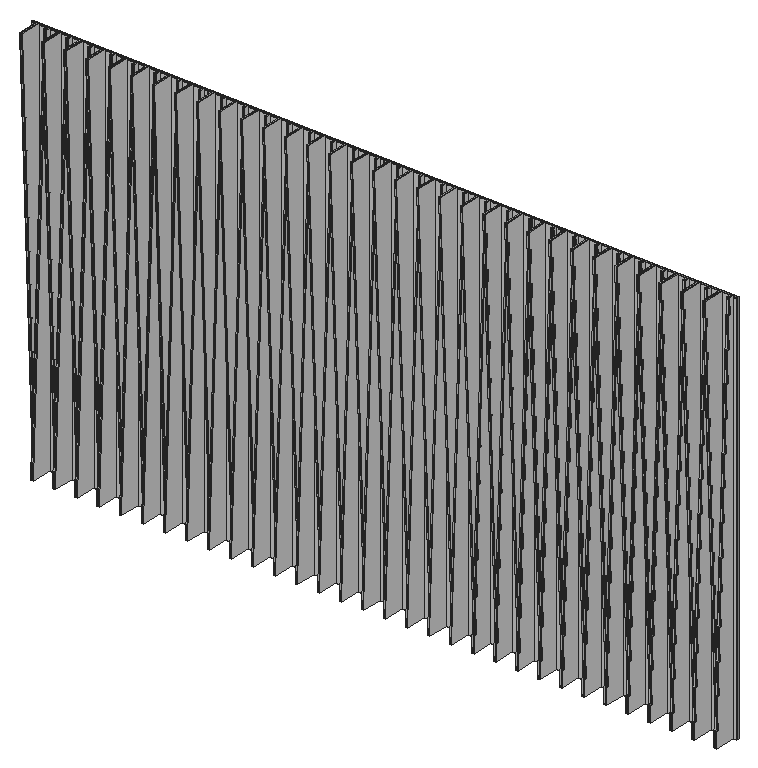
Revit family "SUR-PLG-003_RFA", category Modelos genéricos, Revit 2022 (continued)
Forms (in)
  Extrusion 256, solid, not visible
    sketch origin (44.99973, 0, 0) x (0, 1, 0) y (0, 0, 1)
      loop
        line (0, 108) -> (-1, 108) -> (-5.40945, 0) -> (0, 0) -> (0, 108)
    from 1.14605 to 1.26416
  Extrusion 257, solid, not visible
    sketch origin (45.11784, 0, 0) x (0, 1, 0) y (0, 0, 1)
      loop
        line (0, 108) -> (-1, 108) -> (-5.40945, 0) -> (0, 0) -> (0, 108)
    from 1.14605 to 1.61849
  Extrusion 258, solid, not visible
    sketch origin (45.59028, 0, 0) x (0, 1, 0) y (0, 0, 1)
      loop
        line (0, 108) -> (-1, 108) -> (-5.40945, 0) -> (0, 0) -> (0, 108)
    from 1.14605 to 1.26416
  Extrusion 259, solid, not visible
    sketch origin (48, 0, 0) x (1, 0, 0) y (0, 1, 0)
      loop
        line (0, 0.11811) -> (0, 0) -> (48, 0) -> (48, 0.11811) -> (0, 0.11811)
    from 0 to 108
  Extrusion 260, solid, not visible
    sketch origin (48, 0, 0) x (1, 0, 0) y (0, 1, 0)
      loop
        line (0, 0.59055) -> (0, 0.11811) -> (48, 0.11811) -> (48, 0.59055) -> (0, 0.59055)
    from 0 to 108
  Extrusion 261, solid, not visible
    sketch origin (47.99973, 0, 0) x (0, 1, 0) y (0, 0, 1)
      loop
        line (0, 108) -> (-5.40945, 108) -> (-1, 0) -> (0, 0) -> (0, 108)
    from 1.14605 to 1.26416
  Extrusion 262, solid, not visible
    sketch origin (48.11784, 0, 0) x (0, 1, 0) y (0, 0, 1)
      loop
        line (0, 108) -> (-5.40945, 108) -> (-1, 0) -> (0, 0) -> (0, 108)
    from 1.14605 to 1.61849
  Extrusion 263, solid, not visible
    sketch origin (48.59028, 0, 0) x (0, 1, 0) y (0, 0, 1)
      loop
        line (0, 108) -> (-5.40945, 108) -> (-1, 0) -> (0, 0) -> (0, 108)
    from 1.14605 to 1.26416
  Extrusion 264, solid, not visible
    sketch origin (50.99969, 0, 0) x (0, 1, 0) y (0, 0, 1)
      loop
        line (0, 108) -> (-1, 108) -> (-5.40945, 0) -> (0, 0) -> (0, 108)
    from 1.14605 to 1.26416
  Extrusion 265, solid, not visible
    sketch origin (51.1178, 0, 0) x (0, 1, 0) y (0, 0, 1)
      loop
        line (0, 108) -> (-1, 108) -> (-5.40945, 0) -> (0, 0) -> (0, 108)
    from 1.14605 to 1.61849
  Extrusion 266, solid, not visible
    sketch origin (51.59024, 0, 0) x (0, 1, 0) y (0, 0, 1)
      loop
        line (0, 108) -> (-1, 108) -> (-5.40945, 0) -> (0, 0) -> (0, 108)
    from 1.14605 to 1.26416
  Extrusion 267, solid, not visible
    sketch origin (53.99969, 0, 0) x (0, 1, 0) y (0, 0, 1)
      loop
        line (0, 108) -> (-5.40945, 108) -> (-1, 0) -> (0, 0) -> (0, 108)
    from 1.14605 to 1.26416
  Extrusion 268, solid, not visible
    sketch origin (54.1178, 0, 0) x (0, 1, 0) y (0, 0, 1)
      loop
        line (0, 108) -> (-5.40945, 108) -> (-1, 0) -> (0, 0) -> (0, 108)
    from 1.14605 to 1.61849
  Extrusion 269, solid, not visible
    sketch origin (54.59024, 0, 0) x (0, 1, 0) y (0, 0, 1)
      loop
        line (0, 108) -> (-5.40945, 108) -> (-1, 0) -> (0, 0) -> (0, 108)
    from 1.14605 to 1.26416
  Extrusion 270, solid, not visible
    sketch origin (56.99966, 0, 0) x (0, 1, 0) y (0, 0, 1)
      loop
        line (0, 108) -> (-1, 108) -> (-5.40945, 0) -> (0, 0) -> (0, 108)
    from 1.14605 to 1.26416
  Extrusion 271, solid, not visible
    sketch origin (57.11777, 0, 0) x (0, 1, 0) y (0, 0, 1)
      loop
        line (0, 108) -> (-1, 108) -> (-5.40945, 0) -> (0, 0) -> (0, 108)
    from 1.14605 to 1.61849
  Extrusion 272, solid, not visible
    sketch origin (57.59021, 0, 0) x (0, 1, 0) y (0, 0, 1)
      loop
        line (0, 108) -> (-1, 108) -> (-5.40945, 0) -> (0, 0) -> (0, 108)
    from 1.14605 to 1.26416
  Extrusion 273, solid, not visible
    sketch origin (59.99993, 0, 0) x (0, 1, 0) y (0, 0, 1)
      loop
        line (0, 108) -> (-5.40945, 108) -> (-1, 0) -> (0, 0) -> (0, 108)
    from 1.14605 to 1.26416
  Extrusion 274, solid, not visible
    sketch origin (60.11804, 0, 0) x (0, 1, 0) y (0, 0, 1)
      loop
        line (0, 108) -> (-5.40945, 108) -> (-1, 0) -> (0, 0) -> (0, 108)
    from 1.14605 to 1.61849
  Extrusion 275, solid, not visible
    sketch origin (60.59048, 0, 0) x (0, 1, 0) y (0, 0, 1)
      loop
        line (0, 108) -> (-5.40945, 108) -> (-1, 0) -> (0, 0) -> (0, 108)
    from 1.14605 to 1.26416
  Extrusion 276, solid, not visible
    sketch origin (62.9999, 0, 0) x (0, 1, 0) y (0, 0, 1)
      loop
        line (0, 108) -> (-1, 108) -> (-5.40945, 0) -> (0, 0) -> (0, 108)
    from 1.14605 to 1.26416
  Extrusion 277, solid, not visible
    sketch origin (63.11801, 0, 0) x (0, 1, 0) y (0, 0, 1)
      loop
        line (0, 108) -> (-1, 108) -> (-5.40945, 0) -> (0, 0) -> (0, 108)
    from 1.14605 to 1.61849
  Extrusion 278, solid, not visible
    sketch origin (63.59045, 0, 0) x (0, 1, 0) y (0, 0, 1)
      loop
        line (0, 108) -> (-1, 108) -> (-5.40945, 0) -> (0, 0) -> (0, 108)
    from 1.14605 to 1.26416
  Extrusion 279, solid, not visible
    sketch origin (65.9999, 0, 0) x (0, 1, 0) y (0, 0, 1)
      loop
        line (0, 108) -> (-5.40945, 108) -> (-1, 0) -> (0, 0) -> (0, 108)
    from 1.14605 to 1.26416
  Extrusion 280, solid, not visible
    sketch origin (66.11801, 0, 0) x (0, 1, 0) y (0, 0, 1)
      loop
        line (0, 108) -> (-5.40945, 108) -> (-1, 0) -> (0, 0) -> (0, 108)
    from 1.14605 to 1.61849
  Extrusion 281, solid, not visible
    sketch origin (66.59045, 0, 0) x (0, 1, 0) y (0, 0, 1)
      loop
        line (0, 108) -> (-5.40945, 108) -> (-1, 0) -> (0, 0) -> (0, 108)
    from 1.14605 to 1.26416
  Extrusion 282, solid, not visible
    sketch origin (68.99987, 0, 0) x (0, 1, 0) y (0, 0, 1)
      loop
        line (0, 108) -> (-1, 108) -> (-5.40945, 0) -> (0, 0) -> (0, 108)
    from 1.14605 to 1.26416
  Extrusion 283, solid, not visible
    sketch origin (69.11798, 0, 0) x (0, 1, 0) y (0, 0, 1)
      loop
        line (0, 108) -> (-1, 108) -> (-5.40945, 0) -> (0, 0) -> (0, 108)
    from 1.14605 to 1.61849
  Extrusion 284, solid, not visible
    sketch origin (69.59042, 0, 0) x (0, 1, 0) y (0, 0, 1)
      loop
        line (0, 108) -> (-1, 108) -> (-5.40945, 0) -> (0, 0) -> (0, 108)
    from 1.14605 to 1.26416
  Extrusion 285, solid, not visible
    sketch origin (71.99987, 0, 0) x (0, 1, 0) y (0, 0, 1)
      loop
        line (0, 108) -> (-5.40945, 108) -> (-1, 0) -> (0, 0) -> (0, 108)
    from 1.14605 to 1.26416
  Extrusion 286, solid, not visible
    sketch origin (72.11798, 0, 0) x (0, 1, 0) y (0, 0, 1)
      loop
        line (0, 108) -> (-5.40945, 108) -> (-1, 0) -> (0, 0) -> (0, 108)
    from 1.14605 to 1.61849
  Extrusion 287, solid, not visible
    sketch origin (72.59042, 0, 0) x (0, 1, 0) y (0, 0, 1)
      loop
        line (0, 108) -> (-5.40945, 108) -> (-1, 0) -> (0, 0) -> (0, 108)
    from 1.14605 to 1.26416
  Extrusion 288, solid, not visible
    sketch origin (74.99983, 0, 0) x (0, 1, 0) y (0, 0, 1)
      loop
        line (0, 108) -> (-1, 108) -> (-5.40945, 0) -> (0, 0) -> (0, 108)
    from 1.14605 to 1.26416
  Extrusion 289, solid, not visible
    sketch origin (75.11794, 0, 0) x (0, 1, 0) y (0, 0, 1)
      loop
        line (0, 108) -> (-1, 108) -> (-5.40945, 0) -> (0, 0) -> (0, 108)
    from 1.14605 to 1.61849
  Extrusion 290, solid, not visible
    sketch origin (75.59039, 0, 0) x (0, 1, 0) y (0, 0, 1)
      loop
        line (0, 108) -> (-1, 108) -> (-5.40945, 0) -> (0, 0) -> (0, 108)
    from 1.14605 to 1.26416
  Extrusion 291, solid, not visible
    sketch origin (77.99983, 0, 0) x (0, 1, 0) y (0, 0, 1)
      loop
        line (0, 108) -> (-5.40945, 108) -> (-1, 0) -> (0, 0) -> (0, 108)
    from 1.14605 to 1.26416
  Extrusion 292, solid, not visible
    sketch origin (78.11794, 0, 0) x (0, 1, 0) y (0, 0, 1)
      loop
        line (0, 108) -> (-5.40945, 108) -> (-1, 0) -> (0, 0) -> (0, 108)
    from 1.14605 to 1.61849
  Extrusion 293, solid, not visible
    sketch origin (78.59038, 0, 0) x (0, 1, 0) y (0, 0, 1)
      loop
        line (0, 108) -> (-5.40945, 108) -> (-1, 0) -> (0, 0) -> (0, 108)
    from 1.14605 to 1.26416
  Extrusion 294, solid, not visible
    sketch origin (80.9998, 0, 0) x (0, 1, 0) y (0, 0, 1)
      loop
        line (0, 108) -> (-1, 108) -> (-5.40945, 0) -> (0, 0) -> (0, 108)
    from 1.14605 to 1.26416
  Extrusion 295, solid, not visible
    sketch origin (81.11791, 0, 0) x (0, 1, 0) y (0, 0, 1)
      loop
        line (0, 108) -> (-1, 108) -> (-5.40945, 0) -> (0, 0) -> (0, 108)
    from 1.14605 to 1.61849
  Extrusion 296, solid, not visible
    sketch origin (81.59035, 0, 0) x (0, 1, 0) y (0, 0, 1)
      loop
        line (0, 108) -> (-1, 108) -> (-5.40945, 0) -> (0, 0) -> (0, 108)
    from 1.14605 to 1.26416
  Extrusion 297, solid, not visible
    sketch origin (83.9998, 0, 0) x (0, 1, 0) y (0, 0, 1)
      loop
        line (0, 108) -> (-5.40945, 108) -> (-1, 0) -> (0, 0) -> (0, 108)
    from 1.14605 to 1.26416
  Extrusion 298, solid, not visible
    sketch origin (84.11791, 0, 0) x (0, 1, 0) y (0, 0, 1)
      loop
        line (0, 108) -> (-5.40945, 108) -> (-1, 0) -> (0, 0) -> (0, 108)
    from 1.14605 to 1.61849
  Extrusion 299, solid, not visible
    sketch origin (84.59035, 0, 0) x (0, 1, 0) y (0, 0, 1)
      loop
        line (0, 108) -> (-5.40945, 108) -> (-1, 0) -> (0, 0) -> (0, 108)
    from 1.14605 to 1.26416
  Extrusion 300, solid, not visible
    sketch origin (86.99976, 0, 0) x (0, 1, 0) y (0, 0, 1)
      loop
        line (0, 108) -> (-1, 108) -> (-5.40945, 0) -> (0, 0) -> (0, 108)
    from 1.14605 to 1.26416
  Extrusion 301, solid, not visible
    sketch origin (87.11787, 0, 0) x (0, 1, 0) y (0, 0, 1)
      loop
        line (0, 108) -> (-1, 108) -> (-5.40945, 0) -> (0, 0) -> (0, 108)
    from 1.14605 to 1.61849
  Extrusion 302, solid, not visible
    sketch origin (87.59031, 0, 0) x (0, 1, 0) y (0, 0, 1)
      loop
        line (0, 108) -> (-1, 108) -> (-5.40945, 0) -> (0, 0) -> (0, 108)
    from 1.14605 to 1.26416
  Extrusion 303, solid, not visible
    sketch origin (89.99976, 0, 0) x (0, 1, 0) y (0, 0, 1)
      loop
        line (0, 108) -> (-5.40945, 108) -> (-1, 0) -> (0, 0) -> (0, 108)
    from 1.14605 to 1.26416
  Extrusion 304, solid, not visible
    sketch origin (90.11787, 0, 0) x (0, 1, 0) y (0, 0, 1)
      loop
        line (0, 108) -> (-5.40945, 108) -> (-1, 0) -> (0, 0) -> (0, 108)
    from 1.14605 to 1.61849
  Extrusion 305, solid, not visible
    sketch origin (90.59031, 0, 0) x (0, 1, 0) y (0, 0, 1)
      loop
        line (0, 108) -> (-5.40945, 108) -> (-1, 0) -> (0, 0) -> (0, 108)
    from 1.14605 to 1.26416
  Extrusion 306, solid, not visible
    sketch origin (92.99973, 0, 0) x (0, 1, 0) y (0, 0, 1)
      loop
        line (0, 108) -> (-1, 108) -> (-5.40945, 0) -> (0, 0) -> (0, 108)
    from 1.14605 to 1.26416
  Extrusion 307, solid, not visible
    sketch origin (93.11784, 0, 0) x (0, 1, 0) y (0, 0, 1)
      loop
        line (0, 108) -> (-1, 108) -> (-5.40945, 0) -> (0, 0) -> (0, 108)
    from 1.14605 to 1.61849
  Extrusion 308, solid, not visible
    sketch origin (93.59028, 0, 0) x (0, 1, 0) y (0, 0, 1)
      loop
        line (0, 108) -> (-1, 108) -> (-5.40945, 0) -> (0, 0) -> (0, 108)
    from 1.14605 to 1.26416
  Extrusion 309, solid, not visible
    sketch origin (96, 0, 0) x (1, 0, 0) y (0, 1, 0)
      loop
        line (0, 0.11811) -> (0, 0) -> (48, 0) -> (48, 0.11811) -> (0, 0.11811)
    from 0 to 108
  Extrusion 310, solid, not visible
    sketch origin (96, 0, 0) x (1, 0, 0) y (0, 1, 0)
      loop
        line (0, 0.59055) -> (0, 0.11811) -> (48, 0.11811) -> (48, 0.59055) -> (0, 0.59055)
    from 0 to 108
  Extrusion 311, solid, not visible
    sketch origin (95.99973, 0, 0) x (0, 1, 0) y (0, 0, 1)
      loop
        line (0, 108) -> (-5.40945, 108) -> (-1, 0) -> (0, 0) -> (0, 108)
    from 1.14605 to 1.26416
  Extrusion 312, solid, not visible
    sketch origin (96.11784, 0, 0) x (0, 1, 0) y (0, 0, 1)
      loop
        line (0, 108) -> (-5.40945, 108) -> (-1, 0) -> (0, 0) -> (0, 108)
    from 1.14605 to 1.61849
  Extrusion 313, solid, not visible
    sketch origin (96.59028, 0, 0) x (0, 1, 0) y (0, 0, 1)
      loop
        line (0, 108) -> (-5.40945, 108) -> (-1, 0) -> (0, 0) -> (0, 108)
    from 1.14605 to 1.26416
  Extrusion 314, solid, not visible
    sketch origin (98.9997, 0, 0) x (0, 1, 0) y (0, 0, 1)
      loop
        line (0, 108) -> (-1, 108) -> (-5.40945, 0) -> (0, 0) -> (0, 108)
    from 1.14605 to 1.26416
  Extrusion 315, solid, not visible
    sketch origin (99.11781, 0, 0) x (0, 1, 0) y (0, 0, 1)
      loop
        line (0, 108) -> (-1, 108) -> (-5.40945, 0) -> (0, 0) -> (0, 108)
    from 1.14605 to 1.61849
  Extrusion 316, solid, not visible
    sketch origin (99.59025, 0, 0) x (0, 1, 0) y (0, 0, 1)
      loop
        line (0, 108) -> (-1, 108) -> (-5.40945, 0) -> (0, 0) -> (0, 108)
    from 1.14605 to 1.26416
  Extrusion 317, solid, not visible
    sketch origin (101.9997, 0, 0) x (0, 1, 0) y (0, 0, 1)
      loop
        line (0, 108) -> (-5.40945, 108) -> (-1, 0) -> (0, 0) -> (0, 108)
    from 1.14605 to 1.26416
  Extrusion 318, solid, not visible
    sketch origin (102.11781, 0, 0) x (0, 1, 0) y (0, 0, 1)
      loop
        line (0, 108) -> (-5.40945, 108) -> (-1, 0) -> (0, 0) -> (0, 108)
    from 1.14605 to 1.61849
  Extrusion 319, solid, not visible
    sketch origin (102.59025, 0, 0) x (0, 1, 0) y (0, 0, 1)
      loop
        line (0, 108) -> (-5.40945, 108) -> (-1, 0) -> (0, 0) -> (0, 108)
    from 1.14605 to 1.26416
  Extrusion 320, solid, not visible
    sketch origin (104.99966, 0, 0) x (0, 1, 0) y (0, 0, 1)
      loop
        line (0, 108) -> (-1, 108) -> (-5.40945, 0) -> (0, 0) -> (0, 108)
    from 1.14605 to 1.26416
  Extrusion 321, solid, not visible
    sketch origin (105.11777, 0, 0) x (0, 1, 0) y (0, 0, 1)
      loop
        line (0, 108) -> (-1, 108) -> (-5.40945, 0) -> (0, 0) -> (0, 108)
    from 1.14605 to 1.61849
  Extrusion 322, solid, not visible
    sketch origin (105.59021, 0, 0) x (0, 1, 0) y (0, 0, 1)
      loop
        line (0, 108) -> (-1, 108) -> (-5.40945, 0) -> (0, 0) -> (0, 108)
    from 1.14605 to 1.26416
  Extrusion 323, solid, not visible
    sketch origin (107.99966, 0, 0) x (0, 1, 0) y (0, 0, 1)
      loop
        line (0, 108) -> (-5.40945, 108) -> (-1, 0) -> (0, 0) -> (0, 108)
    from 1.14605 to 1.26416
  Extrusion 324, solid, not visible
    sketch origin (108.11777, 0, 0) x (0, 1, 0) y (0, 0, 1)
      loop
        line (0, 108) -> (-5.40945, 108) -> (-1, 0) -> (0, 0) -> (0, 108)
    from 1.14605 to 1.61849
  Extrusion 325, solid, not visible
    sketch origin (108.59021, 0, 0) x (0, 1, 0) y (0, 0, 1)
      loop
        line (0, 108) -> (-5.40945, 108) -> (-1, 0) -> (0, 0) -> (0, 108)
    from 1.14605 to 1.26416
  Extrusion 326, solid, not visible
    sketch origin (110.99963, 0, 0) x (0, 1, 0) y (0, 0, 1)
      loop
        line (0, 108) -> (-1, 108) -> (-5.40945, 0) -> (0, 0) -> (0, 108)
    from 1.14605 to 1.26416
  Extrusion 327, solid, not visible
    sketch origin (111.11774, 0, 0) x (0, 1, 0) y (0, 0, 1)
      loop
        line (0, 108) -> (-1, 108) -> (-5.40945, 0) -> (0, 0) -> (0, 108)
    from 1.14605 to 1.61849
  Extrusion 328, solid, not visible
    sketch origin (111.59018, 0, 0) x (0, 1, 0) y (0, 0, 1)
      loop
        line (0, 108) -> (-1, 108) -> (-5.40945, 0) -> (0, 0) -> (0, 108)
    from 1.14605 to 1.26416
  Extrusion 329, solid, not visible
    sketch origin (113.99962, 0, 0) x (0, 1, 0) y (0, 0, 1)
      loop
        line (0, 108) -> (-5.40945, 108) -> (-1, 0) -> (0, 0) -> (0, 108)
    from 1.14605 to 1.26416
  Extrusion 330, solid, not visible
    sketch origin (114.11773, 0, 0) x (0, 1, 0) y (0, 0, 1)
      loop
        line (0, 108) -> (-5.40945, 108) -> (-1, 0) -> (0, 0) -> (0, 108)
    from 1.14605 to 1.61849
  Extrusion 331, solid, not visible
    sketch origin (114.59018, 0, 0) x (0, 1, 0) y (0, 0, 1)
      loop
        line (0, 108) -> (-5.40945, 108) -> (-1, 0) -> (0, 0) -> (0, 108)
    from 1.14605 to 1.26416
  Extrusion 332, solid, not visible
    sketch origin (116.99959, 0, 0) x (0, 1, 0) y (0, 0, 1)
      loop
        line (0, 108) -> (-1, 108) -> (-5.40945, 0) -> (0, 0) -> (0, 108)
    from 1.14605 to 1.26416
  Extrusion 333, solid, not visible
    sketch origin (117.1177, 0, 0) x (0, 1, 0) y (0, 0, 1)
      loop
        line (0, 108) -> (-1, 108) -> (-5.40945, 0) -> (0, 0) -> (0, 108)
    from 1.14605 to 1.61849
  Extrusion 334, solid, not visible
    sketch origin (117.59014, 0, 0) x (0, 1, 0) y (0, 0, 1)
      loop
        line (0, 108) -> (-1, 108) -> (-5.40945, 0) -> (0, 0) -> (0, 108)
    from 1.14605 to 1.26416
  Extrusion 335, solid, not visible
    sketch origin (119.99986, 0, 0) x (0, 1, 0) y (0, 0, 1)
      loop
        line (0, 108) -> (-5.40945, 108) -> (-1, 0) -> (0, 0) -> (0, 108)
    from 1.14605 to 1.26416
  Extrusion 336, solid, not visible
    sketch origin (120.11797, 0, 0) x (0, 1, 0) y (0, 0, 1)
      loop
        line (0, 108) -> (-5.40945, 108) -> (-1, 0) -> (0, 0) -> (0, 108)
    from 1.14605 to 1.61849
  Extrusion 337, solid, not visible
    sketch origin (120.59041, 0, 0) x (0, 1, 0) y (0, 0, 1)
      loop
        line (0, 108) -> (-5.40945, 108) -> (-1, 0) -> (0, 0) -> (0, 108)
    from 1.14605 to 1.26416
  Extrusion 338, solid, not visible
    sketch origin (122.99983, 0, 0) x (0, 1, 0) y (0, 0, 1)
      loop
        line (0, 108) -> (-1, 108) -> (-5.40945, 0) -> (0, 0) -> (0, 108)
    from 1.14605 to 1.26416
  Extrusion 339, solid, not visible
    sketch origin (123.11794, 0, 0) x (0, 1, 0) y (0, 0, 1)
      loop
        line (0, 108) -> (-1, 108) -> (-5.40945, 0) -> (0, 0) -> (0, 108)
    from 1.14605 to 1.61849
  Extrusion 340, solid, not visible
    sketch origin (123.59038, 0, 0) x (0, 1, 0) y (0, 0, 1)
      loop
        line (0, 108) -> (-1, 108) -> (-5.40945, 0) -> (0, 0) -> (0, 108)
    from 1.14605 to 1.26416
  Extrusion 341, solid, not visible
    sketch origin (125.99983, 0, 0) x (0, 1, 0) y (0, 0, 1)
      loop
        line (0, 108) -> (-5.40945, 108) -> (-1, 0) -> (0, 0) -> (0, 108)
    from 1.14605 to 1.26416
  Extrusion 342, solid, not visible
    sketch origin (126.11794, 0, 0) x (0, 1, 0) y (0, 0, 1)
      loop
        line (0, 108) -> (-5.40945, 108) -> (-1, 0) -> (0, 0) -> (0, 108)
    from 1.14605 to 1.61849
  Extrusion 343, solid, not visible
    sketch origin (126.59038, 0, 0) x (0, 1, 0) y (0, 0, 1)
      loop
        line (0, 108) -> (-5.40945, 108) -> (-1, 0) -> (0, 0) -> (0, 108)
    from 1.14605 to 1.26416
  Extrusion 344, solid, not visible
    sketch origin (128.99979, 0, 0) x (0, 1, 0) y (0, 0, 1)
      loop
        line (0, 108) -> (-1, 108) -> (-5.40945, 0) -> (0, 0) -> (0, 108)
    from 1.14605 to 1.26416
  Extrusion 345, solid, not visible
    sketch origin (129.1179, 0, 0) x (0, 1, 0) y (0, 0, 1)
      loop
        line (0, 108) -> (-1, 108) -> (-5.40945, 0) -> (0, 0) -> (0, 108)
    from 1.14605 to 1.61849
  Extrusion 346, solid, not visible
    sketch origin (129.59035, 0, 0) x (0, 1, 0) y (0, 0, 1)
      loop
        line (0, 108) -> (-1, 108) -> (-5.40945, 0) -> (0, 0) -> (0, 108)
    from 1.14605 to 1.26416
  Extrusion 347, solid, not visible
    sketch origin (131.9998, 0, 0) x (0, 1, 0) y (0, 0, 1)
      loop
        line (0, 108) -> (-5.40945, 108) -> (-1, 0) -> (0, 0) -> (0, 108)
    from 1.14605 to 1.26416
  Extrusion 348, solid, not visible
    sketch origin (132.11791, 0, 0) x (0, 1, 0) y (0, 0, 1)
      loop
        line (0, 108) -> (-5.40945, 108) -> (-1, 0) -> (0, 0) -> (0, 108)
    from 1.14605 to 1.61849
  Extrusion 349, solid, not visible
    sketch origin (132.59035, 0, 0) x (0, 1, 0) y (0, 0, 1)
      loop
        line (0, 108) -> (-5.40945, 108) -> (-1, 0) -> (0, 0) -> (0, 108)
    from 1.14605 to 1.26416
  Extrusion 350, solid, not visible
    sketch origin (134.99976, 0, 0) x (0, 1, 0) y (0, 0, 1)
      loop
        line (0, 108) -> (-1, 108) -> (-5.40945, 0) -> (0, 0) -> (0, 108)
    from 1.14605 to 1.26416
  Extrusion 351, solid, not visible
    sketch origin (135.11787, 0, 0) x (0, 1, 0) y (0, 0, 1)
      loop
        line (0, 108) -> (-1, 108) -> (-5.40945, 0) -> (0, 0) -> (0, 108)
    from 1.14605 to 1.61849
  Extrusion 352, solid, not visible
    sketch origin (135.59031, 0, 0) x (0, 1, 0) y (0, 0, 1)
      loop
        line (0, 108) -> (-1, 108) -> (-5.40945, 0) -> (0, 0) -> (0, 108)
    from 1.14605 to 1.26416
  Extrusion 353, solid, not visible
    sketch origin (137.99976, 0, 0) x (0, 1, 0) y (0, 0, 1)
      loop
        line (0, 108) -> (-5.40945, 108) -> (-1, 0) -> (0, 0) -> (0, 108)
    from 1.14605 to 1.26416
  Extrusion 354, solid, not visible
    sketch origin (138.11787, 0, 0) x (0, 1, 0) y (0, 0, 1)
      loop
        line (0, 108) -> (-5.40945, 108) -> (-1, 0) -> (0, 0) -> (0, 108)
    from 1.14605 to 1.61849
  Extrusion 355, solid, not visible
    sketch origin (138.59031, 0, 0) x (0, 1, 0) y (0, 0, 1)
      loop
        line (0, 108) -> (-5.40945, 108) -> (-1, 0) -> (0, 0) -> (0, 108)
    from 1.14605 to 1.26416
  Extrusion 356, solid, not visible
    sketch origin (140.99973, 0, 0) x (0, 1, 0) y (0, 0, 1)
      loop
        line (0, 108) -> (-1, 108) -> (-5.40945, 0) -> (0, 0) -> (0, 108)
    from 1.14605 to 1.26416
  Extrusion 357, solid, not visible
    sketch origin (141.11784, 0, 0) x (0, 1, 0) y (0, 0, 1)
      loop
        line (0, 108) -> (-1, 108) -> (-5.40945, 0) -> (0, 0) -> (0, 108)
    from 1.14605 to 1.61849
  Extrusion 358, solid, not visible
    sketch origin (141.59028, 0, 0) x (0, 1, 0) y (0, 0, 1)
      loop
        line (0, 108) -> (-1, 108) -> (-5.40945, 0) -> (0, 0) -> (0, 108)
    from 1.14605 to 1.26416
  Extrusion 359, solid, not visible
    sketch origin (144, 0, 0) x (1, 0, 0) y (0, 1, 0)
      loop
        line (0, 0.11811) -> (0, 0) -> (48, 0) -> (48, 0.11811) -> (0, 0.11811)
    from 0 to 108
  Extrusion 360, solid, not visible
    sketch origin (144, 0, 0) x (1, 0, 0) y (0, 1, 0)
      loop
        line (0, 0.59055) -> (0, 0.11811) -> (48, 0.11811) -> (48, 0.59055) -> (0, 0.59055)
    from 0 to 108
  Extrusion 361, solid, not visible
    sketch origin (143.99972, 0, 0) x (0, 1, 0) y (0, 0, 1)
      loop
        line (0, 108) -> (-5.40945, 108) -> (-1, 0) -> (0, 0) -> (0, 108)
    from 1.14605 to 1.26416
  Extrusion 362, solid, not visible
    sketch origin (144.11783, 0, 0) x (0, 1, 0) y (0, 0, 1)
      loop
        line (0, 108) -> (-5.40945, 108) -> (-1, 0) -> (0, 0) -> (0, 108)
    from 1.14605 to 1.61849
  Extrusion 363, solid, not visible
    sketch origin (144.59027, 0, 0) x (0, 1, 0) y (0, 0, 1)
      loop
        line (0, 108) -> (-5.40945, 108) -> (-1, 0) -> (0, 0) -> (0, 108)
    from 1.14605 to 1.26416
  Extrusion 364, solid, not visible
    sketch origin (146.99969, 0, 0) x (0, 1, 0) y (0, 0, 1)
      loop
        line (0, 108) -> (-1, 108) -> (-5.40945, 0) -> (0, 0) -> (0, 108)
    from 1.14605 to 1.26416
  Extrusion 365, solid, not visible
    sketch origin (147.1178, 0, 0) x (0, 1, 0) y (0, 0, 1)
      loop
        line (0, 108) -> (-1, 108) -> (-5.40945, 0) -> (0, 0) -> (0, 108)
    from 1.14605 to 1.61849
  Extrusion 366, solid, not visible
    sketch origin (147.59024, 0, 0) x (0, 1, 0) y (0, 0, 1)
      loop
        line (0, 108) -> (-1, 108) -> (-5.40945, 0) -> (0, 0) -> (0, 108)
    from 1.14605 to 1.26416
  Extrusion 367, solid, not visible
    sketch origin (149.99997, 0, 0) x (0, 1, 0) y (0, 0, 1)
      loop
        line (0, 108) -> (-5.40945, 108) -> (-1, 0) -> (0, 0) -> (0, 108)
    from 1.14605 to 1.26416
  Extrusion 368, solid, not visible
    sketch origin (150.11808, 0, 0) x (0, 1, 0) y (0, 0, 1)
      loop
        line (0, 108) -> (-5.40945, 108) -> (-1, 0) -> (0, 0) -> (0, 108)
    from 1.14605 to 1.61849
  Extrusion 369, solid, not visible
    sketch origin (150.59052, 0, 0) x (0, 1, 0) y (0, 0, 1)
      loop
        line (0, 108) -> (-5.40945, 108) -> (-1, 0) -> (0, 0) -> (0, 108)
    from 1.14605 to 1.26416
  Extrusion 370, solid, not visible
    sketch origin (152.99993, 0, 0) x (0, 1, 0) y (0, 0, 1)
      loop
        line (0, 108) -> (-1, 108) -> (-5.40945, 0) -> (0, 0) -> (0, 108)
    from 1.14605 to 1.26416
  Extrusion 371, solid, not visible
    sketch origin (153.11804, 0, 0) x (0, 1, 0) y (0, 0, 1)
      loop
        line (0, 108) -> (-1, 108) -> (-5.40945, 0) -> (0, 0) -> (0, 108)
    from 1.14605 to 1.61849
  Extrusion 372, solid, not visible
    sketch origin (153.59048, 0, 0) x (0, 1, 0) y (0, 0, 1)
      loop
        line (0, 108) -> (-1, 108) -> (-5.40945, 0) -> (0, 0) -> (0, 108)
    from 1.14605 to 1.26416
  Extrusion 373, solid, not visible
    sketch origin (155.99993, 0, 0) x (0, 1, 0) y (0, 0, 1)
      loop
        line (0, 108) -> (-5.40945, 108) -> (-1, 0) -> (0, 0) -> (0, 108)
    from 1.14605 to 1.26416
  Extrusion 374, solid, not visible
    sketch origin (156.11804, 0, 0) x (0, 1, 0) y (0, 0, 1)
      loop
        line (0, 108) -> (-5.40945, 108) -> (-1, 0) -> (0, 0) -> (0, 108)
    from 1.14605 to 1.61849
  Extrusion 375, solid, not visible
    sketch origin (156.59048, 0, 0) x (0, 1, 0) y (0, 0, 1)
      loop
        line (0, 108) -> (-5.40945, 108) -> (-1, 0) -> (0, 0) -> (0, 108)
    from 1.14605 to 1.26416
  Extrusion 376, solid, not visible
    sketch origin (158.9999, 0, 0) x (0, 1, 0) y (0, 0, 1)
      loop
        line (0, 108) -> (-1, 108) -> (-5.40945, 0) -> (0, 0) -> (0, 108)
    from 1.14605 to 1.26416
  Extrusion 377, solid, not visible
    sketch origin (159.11801, 0, 0) x (0, 1, 0) y (0, 0, 1)
      loop
        line (0, 108) -> (-1, 108) -> (-5.40945, 0) -> (0, 0) -> (0, 108)
    from 1.14605 to 1.61849
  Extrusion 378, solid, not visible
    sketch origin (159.59045, 0, 0) x (0, 1, 0) y (0, 0, 1)
      loop
        line (0, 108) -> (-1, 108) -> (-5.40945, 0) -> (0, 0) -> (0, 108)
    from 1.14605 to 1.26416
  Extrusion 379, solid, not visible
    sketch origin (161.9999, 0, 0) x (0, 1, 0) y (0, 0, 1)
      loop
        line (0, 108) -> (-5.40945, 108) -> (-1, 0) -> (0, 0) -> (0, 108)
    from 1.14605 to 1.26416
  Extrusion 380, solid, not visible
    sketch origin (162.11801, 0, 0) x (0, 1, 0) y (0, 0, 1)
      loop
        line (0, 108) -> (-5.40945, 108) -> (-1, 0) -> (0, 0) -> (0, 108)
    from 1.14605 to 1.61849
  Extrusion 381, solid, not visible
    sketch origin (162.59045, 0, 0) x (0, 1, 0) y (0, 0, 1)
      loop
        line (0, 108) -> (-5.40945, 108) -> (-1, 0) -> (0, 0) -> (0, 108)
    from 1.14605 to 1.26416
  Extrusion 382, solid, not visible
    sketch origin (164.99987, 0, 0) x (0, 1, 0) y (0, 0, 1)
      loop
        line (0, 108) -> (-1, 108) -> (-5.40945, 0) -> (0, 0) -> (0, 108)
    from 1.14605 to 1.26416
  Extrusion 383, solid, not visible
    sketch origin (165.11798, 0, 0) x (0, 1, 0) y (0, 0, 1)
      loop
        line (0, 108) -> (-1, 108) -> (-5.40945, 0) -> (0, 0) -> (0, 108)
    from 1.14605 to 1.61849
  Extrusion 384, solid, not visible
    sketch origin (165.59042, 0, 0) x (0, 1, 0) y (0, 0, 1)
      loop
        line (0, 108) -> (-1, 108) -> (-5.40945, 0) -> (0, 0) -> (0, 108)
    from 1.14605 to 1.26416
  Extrusion 385, solid, not visible
    sketch origin (167.99986, 0, 0) x (0, 1, 0) y (0, 0, 1)
      loop
        line (0, 108) -> (-5.40945, 108) -> (-1, 0) -> (0, 0) -> (0, 108)
    from 1.14605 to 1.26416
  Extrusion 386, solid, not visible
    sketch origin (168.11797, 0, 0) x (0, 1, 0) y (0, 0, 1)
      loop
        line (0, 108) -> (-5.40945, 108) -> (-1, 0) -> (0, 0) -> (0, 108)
    from 1.14605 to 1.61849
  Extrusion 387, solid, not visible
    sketch origin (168.59041, 0, 0) x (0, 1, 0) y (0, 0, 1)
      loop
        line (0, 108) -> (-5.40945, 108) -> (-1, 0) -> (0, 0) -> (0, 108)
    from 1.14605 to 1.26416
  Extrusion 388, solid, not visible
    sketch origin (170.99983, 0, 0) x (0, 1, 0) y (0, 0, 1)
      loop
        line (0, 108) -> (-1, 108) -> (-5.40945, 0) -> (0, 0) -> (0, 108)
    from 1.14605 to 1.26416
  Extrusion 389, solid, not visible
    sketch origin (171.11794, 0, 0) x (0, 1, 0) y (0, 0, 1)
      loop
        line (0, 108) -> (-1, 108) -> (-5.40945, 0) -> (0, 0) -> (0, 108)
    from 1.14605 to 1.61849
  Extrusion 390, solid, not visible
    sketch origin (171.59038, 0, 0) x (0, 1, 0) y (0, 0, 1)
      loop
        line (0, 108) -> (-1, 108) -> (-5.40945, 0) -> (0, 0) -> (0, 108)
    from 1.14605 to 1.26416
  Extrusion 391, solid, not visible
    sketch origin (173.99983, 0, 0) x (0, 1, 0) y (0, 0, 1)
      loop
        line (0, 108) -> (-5.40945, 108) -> (-1, 0) -> (0, 0) -> (0, 108)
    from 1.14605 to 1.26416
  Extrusion 392, solid, not visible
    sketch origin (174.11794, 0, 0) x (0, 1, 0) y (0, 0, 1)
      loop
        line (0, 108) -> (-5.40945, 108) -> (-1, 0) -> (0, 0) -> (0, 108)
    from 1.14605 to 1.61849
  Extrusion 393, solid, not visible
    sketch origin (174.59038, 0, 0) x (0, 1, 0) y (0, 0, 1)
      loop
        line (0, 108) -> (-5.40945, 108) -> (-1, 0) -> (0, 0) -> (0, 108)
    from 1.14605 to 1.26416
  Extrusion 394, solid, not visible
    sketch origin (176.99979, 0, 0) x (0, 1, 0) y (0, 0, 1)
      loop
        line (0, 108) -> (-1, 108) -> (-5.40945, 0) -> (0, 0) -> (0, 108)
    from 1.14605 to 1.26416
  Extrusion 395, solid, not visible
    sketch origin (177.1179, 0, 0) x (0, 1, 0) y (0, 0, 1)
      loop
        line (0, 108) -> (-1, 108) -> (-5.40945, 0) -> (0, 0) -> (0, 108)
    from 1.14605 to 1.61849
  Extrusion 396, solid, not visible
    sketch origin (177.59035, 0, 0) x (0, 1, 0) y (0, 0, 1)
      loop
        line (0, 108) -> (-1, 108) -> (-5.40945, 0) -> (0, 0) -> (0, 108)
    from 1.14605 to 1.26416
  Extrusion 397, solid, not visible
    sketch origin (179.9998, 0, 0) x (0, 1, 0) y (0, 0, 1)
      loop
        line (0, 108) -> (-5.40945, 108) -> (-1, 0) -> (0, 0) -> (0, 108)
    from 1.14605 to 1.26416
  Extrusion 398, solid, not visible
    sketch origin (180.11791, 0, 0) x (0, 1, 0) y (0, 0, 1)
      loop
        line (0, 108) -> (-5.40945, 108) -> (-1, 0) -> (0, 0) -> (0, 108)
    from 1.14605 to 1.61849
  Extrusion 399, solid, not visible
    sketch origin (180.59035, 0, 0) x (0, 1, 0) y (0, 0, 1)
      loop
        line (0, 108) -> (-5.40945, 108) -> (-1, 0) -> (0, 0) -> (0, 108)
    from 1.14605 to 1.26416
  Extrusion 400, solid, not visible
    sketch origin (182.99977, 0, 0) x (0, 1, 0) y (0, 0, 1)
      loop
        line (0, 108) -> (-1, 108) -> (-5.40945, 0) -> (0, 0) -> (0, 108)
    from 1.14605 to 1.26416
  Extrusion 401, solid, not visible
    sketch origin (183.11788, 0, 0) x (0, 1, 0) y (0, 0, 1)
      loop
        line (0, 108) -> (-1, 108) -> (-5.40945, 0) -> (0, 0) -> (0, 108)
    from 1.14605 to 1.61849
  Extrusion 402, solid, not visible
    sketch origin (183.59032, 0, 0) x (0, 1, 0) y (0, 0, 1)
      loop
        line (0, 108) -> (-1, 108) -> (-5.40945, 0) -> (0, 0) -> (0, 108)
    from 1.14605 to 1.26416
  Extrusion 403, solid, not visible
    sketch origin (185.99976, 0, 0) x (0, 1, 0) y (0, 0, 1)
      loop
        line (0, 108) -> (-5.40945, 108) -> (-1, 0) -> (0, 0) -> (0, 108)
    from 1.14605 to 1.26416
  Extrusion 404, solid, not visible
    sketch origin (186.11787, 0, 0) x (0, 1, 0) y (0, 0, 1)
      loop
        line (0, 108) -> (-5.40945, 108) -> (-1, 0) -> (0, 0) -> (0, 108)
    from 1.14605 to 1.61849
  Extrusion 405, solid, not visible
    sketch origin (186.59031, 0, 0) x (0, 1, 0) y (0, 0, 1)
      loop
        line (0, 108) -> (-5.40945, 108) -> (-1, 0) -> (0, 0) -> (0, 108)
    from 1.14605 to 1.26416
  Extrusion 406, solid, not visible
    sketch origin (188.99973, 0, 0) x (0, 1, 0) y (0, 0, 1)
      loop
        line (0, 108) -> (-1, 108) -> (-5.40945, 0) -> (0, 0) -> (0, 108)
    from 1.14605 to 1.26416
  Extrusion 407, solid, not visible
    sketch origin (189.11784, 0, 0) x (0, 1, 0) y (0, 0, 1)
      loop
        line (0, 108) -> (-1, 108) -> (-5.40945, 0) -> (0, 0) -> (0, 108)
    from 1.14605 to 1.61849
  Extrusion 408, solid, not visible
    sketch origin (189.59028, 0, 0) x (0, 1, 0) y (0, 0, 1)
      loop
        line (0, 108) -> (-1, 108) -> (-5.40945, 0) -> (0, 0) -> (0, 108)
    from 1.14605 to 1.26416
Dimensions and locks (in)
  Extrusion 2 to Extrusion 2 = 108.00"
  Extrusion 2 to Extrusion 6 to Extrusion 8 to Extrusion 10 to Extrusion 10 = 48.00", 48.00", 48.00", 48.00"  (x2)
  Extrusion 2 to Extrusion 2 to Extrusion 1 = 0.47244", 0.11811"
  Extrusion 9 to Extrusion 10 = 0.59055"
  aligned and locked: level to plane 2
